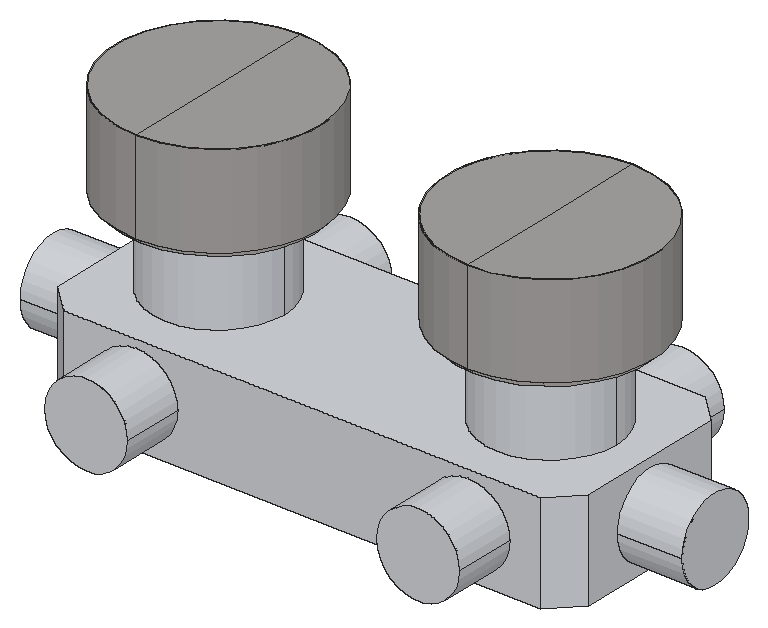
Revit family "Reece_Tap_Milli_Pure_Dual Mixer_Progressive_Wall Mount_Cirque Texture", category Plumbing Fixtures, host Face, Revit 2018
Family settings
  Host = Face
  Round Connector Dimension = Use Diameter
  Part Type = Normal
  Cut with Voids When Loaded = No
  Shared = Yes
  Room Calculation Point = Yes
Parameters (values of type "Brushed Gunmetal")
  WFU = 0  # constant formula
  URL = "https://www.reece.com.au/product/-2224772"
  Type Comments = "Tap"
  Reece_Tap_Inlet = 12 mm  # constant formula
  Reece_Product_Web Page = "https://www.reece.com.au/product/-2224772"
  Reece_Product_Type = "Tap"  # constant formula
  Reece_Product_Sub Brand = "Pure"  # constant formula
  Reece_Product_Number = "2224772"
  Reece_Product_Mount = "Wall Mounted"
  Reece_Product_Description = "Milli Pure Progressive Dual Mixer Tap System with Cirque Textured Handles Brushed Gunmetal"
  Reece_Product_Brand = "Milli"  # constant formula
  Reece_Overall_Width = 62 mm  # constant formula
  Reece_Overall_Height = 30 mm  # constant formula
  Reece_Material_Secondary = Reece_Brass_Brushed Gunmetal_Cirque Pattern
  Reece_Material-Main = Reece_Brass_Brushed Gunmetal
  Reece_Detail_Tap_Handle Texture = "Cirque Texture"  # constant formula
  Reece_Detail_Installation = ""
  Reece_Detail_Disclaimer = "THIS FILE IS THE PROPERTY OF THE REECE GROUP. IT MAY NOT BE REPRODUCED, REVERSE-ENGINEERED OR MODIFIED. ANY REPUBLICATION, TRANSMISSION OR DISTRIBUTION FOR THE PURPOSE OF COMMERCIALLY EXPLOITING THE FILES IS PROHIBITED."  # constant formula
  Reece_Detail_Connector = ""
  Reece_Detail_Additional = ""
  Reece_3D Texture = no
  Reece_3D Simplified Geometry = not(Reece_3D Texture)  # yes
  Model = "Pure"
  Manufacturer = "Milli"
  Keynote = "Product #2224772, Reece_Tap_Milli_Pure_Dual Mixer_Progressive_Wall Mount_Cirque Texture - Brushed Gunmetal"
  HWFU = 0  # constant formula
  Disclaimer = "THIS FILE IS THE PROPERTY OF THE REECE GROUP. IT MAY NOT BE REPRODUCED, REVERSE-ENGINEERED OR MODIFIED. ANY REPUBLICATION, TRANSMISSION OR DISTRIBUTION FOR THE PURPOSE OF COMMERCIALLY EXPLOITING THE FILES IS PROHIBITED."  # constant formula
  Description = "Milli Pure Progressive Dual Mixer Tap System with Cirque Textured Handles Brushed Gunmetal"
  Default Elevation = 1000 mm
  CWFU = 0  # constant formula
Types (7, lengths in mm): name | URL | Reece_Product_Web Page | Reece_Product_Number | Reece_Product_Description | Reece_Material_Secondary | Reece_Material-Main | Keynote | Description
  (no name) | "https://www.reece.com.au/product/-2224772" | "https://www.reece.com.au/product/-2224772" | "2224772" | "Milli Pure Progressive Dual Mixer Tap System with Cirque Textured Handles Brushed Gunmetal" | Reece_Brass_Brushed Gunmetal_Cirque Pattern | Reece_Brass_Brushed Gunmetal | "Product #2224772, Reece_Tap_Milli_Pure_Dual Mixer_Progressive_Wall Mount_Cirque Texture -  " | "Milli Pure Progressive Dual Mixer Tap System with Cirque Textured Handles Brushed Gunmetal"
  Brushed Gunmetal | "https://www.reece.com.au/product/-2224772" | "https://www.reece.com.au/product/-2224772" | "2224772" | "Milli Pure Progressive Dual Mixer Tap System with Cirque Textured Handles Brushed Gunmetal" | Reece_Brass_Brushed Gunmetal_Cirque Pattern | Reece_Brass_Brushed Gunmetal | "Product #2224772, Reece_Tap_Milli_Pure_Dual Mixer_Progressive_Wall Mount_Cirque Texture - Brushed Gunmetal" | "Milli Pure Progressive Dual Mixer Tap System with Cirque Textured Handles Brushed Gunmetal"
  Chrome | "https://www.reece.com.au/product/-2224770" | "https://www.reece.com.au/product/-2224770" | "2224770" | "Milli Pure Progressive Dual Mixer Tap System with Cirque Textured Handles Chrome" | Reece_Brass_Chrome_Cirque Pattern | Reece_Brass_Chrome | "Product #2224770, Reece_Tap_Milli_Pure_Dual Mixer_Progressive_Wall Mount_Cirque Texture - Chrome" | "Milli Pure Progressive Dual Mixer Tap System with Cirque Textured Handles Chrome"
  Matte Black | "https://www.reece.com.au/product/-2224773" | "https://www.reece.com.au/product/-2224773" | "2224773" | "Milli Pure Progressive Dual Mixer Tap System with Cirque Textured Handles Matte Black" | Reece_Brass_Matte Black_Cirque Pattern | Reece_Brass_Matte Black | "Product #2224773, Reece_Tap_Milli_Pure_Dual Mixer_Progressive_Wall Mount_Cirque Texture - Matte Black" | "Milli Pure Progressive Dual Mixer Tap System with Cirque Textured Handles Matte Black"
  Brushed Nickel | "https://www.reece.com.au/product/-2224771" | "https://www.reece.com.au/product/-2224771" | "2224771" | "Milli Pure Progressive Dual Mixer Tap System with Cirque Textured Handles Brushed Nickel" | Reece_Brass_Brushed Nickel_Cirque Pattern | Reece_Brass_Brushed Nickel | "Product #2224771, Reece_Tap_Milli_Pure_Dual Mixer_Progressive_Wall Mount_Cirque Texture - Brushed Nickel" | "Milli Pure Progressive Dual Mixer Tap System with Cirque Textured Handles Brushed Nickel"
  PVD Brushed Bronze | "https://www.reece.com.au/product/-9511039" | "https://www.reece.com.au/product/-9511039" | "9511039" | "Milli Pure Progressive Dual Mixer Tap System with Cirque Textured Handles PVD Brushed Bronze" | Reece_PVD_Brushed Bronze_Cirque Pattern | Reece_PVD_Brushed Bronze | "Product #9511039, Reece_Tap_Milli_Pure_Dual Mixer_Progressive_Wall Mount_Cirque Texture - PVD Brushed Bronze" | "Milli Pure Progressive Dual Mixer Tap System with Cirque Textured Handles PVD Brushed Bronze"
  PVD Brushed Gold | "https://www.reece.com.au/product/-9510854" | "https://www.reece.com.au/product/-9510854" | "9510854" | "Milli Pure Progressive Dual Mixer Tap System with Cirque Textured Handles PVD Brushed Gold" | Reece_PVD_Brushed Gold_Cirque Pattern | Reece_PVD_Brushed Gold | "Product #9510854, Reece_Tap_Milli_Pure_Dual Mixer_Progressive_Wall Mount_Cirque Texture - PVD Brushed Gold" | "Milli Pure Progressive Dual Mixer Tap System with Cirque Textured Handles PVD Brushed Gold"
Reference planes
  plane 1 "Center (Front/Back)": y = 0
  plane 2 "Bottom": z = 0
  plane 3 "Center (Left/Right)": x = 0
  plane 4 "Top": z = 30
  plane 5: y = -31
  plane 6: y = 31
Forms (mm)
  Extrusion 1, solid
    sketch origin (0, 0, 0) x (1, 0, 0) y (0, 1, 0)
      loop
        circle (50, 0) r 20
    from 0 to -25
  Extrusion 2, solid
    sketch origin (0, 0, 0) x (1, 0, 0) y (0, 1, 0)
      loop
        line (-71.853, 31) -> (-80, 22.853) -> (-80, -22.853) -> (-71.853, -31) -> (71.853, -31) -> (80, -22.853) -> (80, 22.853) -> (71.853, 31) -> (-71.853, 31)
    from -55 to -25
  Extrusion 3, solid
    sketch origin (33.5, 50, 0) x (0, -1, 0) y (0, 0, 1)
      loop
        circle (50, -40) r 12.5
    from -66.119 to -46.5
  Extrusion 4, void
    sketch origin (100, 0, 0) x (-1, 0, 0) y (0, -1, 0)
      loop
        circle (50, 0) r 25
    from 0 to -30
  Extrusion 5, solid
    sketch origin (66.5, 50, 0) x (0, -1, 0) y (0, 0, -1)
      loop
        circle (50, 40) r 12.5
    from -66.5 to -46.5
  Extrusion 6, solid
    sketch origin (0, 0, 0) x (-1, 0, 0) y (0, -1, 0)
      loop
        circle (50, 0) r 20
    from 0 to -25
  Extrusion 7, solid
    sketch origin (-33.5, 50, 0) x (0, -1, 0) y (0, 0, -1)
      loop
        circle (50, 40) r 12.5
    from -66.119 to -46.5
  Extrusion 8, solid
    sketch origin (-66.5, 50, 0) x (0, -1, 0) y (0, 0, 1)
      loop
        circle (50, -40) r 12.5
    from -66.5 to -46.5
  Extrusion 9, solid
    sketch origin (0, -16.5, 0) x (1, 0, 0) y (0, 0, 1)
      loop
        circle (50, -40) r 12.5
    from -66.119 to -46.5
  Extrusion 10, solid
    sketch origin (0, -16.5, 0) x (-1, 0, 0) y (0, 0, -1)
      loop
        circle (50, 40) r 12.5
    from -66.119 to -46.5
  Extrusion 11, void
    sketch origin (-100, 0, 0) x (1, 0, 0) y (0, 1, 0)
      loop
        circle (50, 0) r 25
    from 0 to -30
  Extrusion 12, solid
    sketch origin (0, 0, 0) x (-1, 0, 0) y (0, -1, 0)
      loop
        circle (50, 0) r 20
    from 0 to -25
  Extrusion 13, solid
    sketch origin (0, 16.5, 0) x (1, 0, 0) y (0, 0, -1)
      loop
        circle (50, 40) r 12.5
    from -66.119 to -46.5
  Extrusion 14, solid
    sketch origin (0, 16.5, 0) x (-1, 0, 0) y (0, 0, 1)
      loop
        circle (50, -40) r 12.5
    from -66.119 to -46.5
Cuts and joins
  Extrusion 11 cuts Extrusion 1
  Extrusion 4, Extrusion 11 cuts Extrusion 3
  joined: Extrusion 1, Extrusion 2, Extrusion 3, Extrusion 5, Extrusion 6, Extrusion 7, Extrusion 8, Extrusion 9, Extrusion 10, Extrusion 12, Extrusion 13, Extrusion 14
Text (mm)
  text "Reece Copyright © 2018, Reece Ltd." at (-1146.244, -273.583, 0), in view "Ref. Level"
  text "Reece ©" at (44.384, 258.95, 192.345), in view "Reece Preview"
Dimensions and locks
  "Reece_Overall_Width": plane 6 to plane 5
  "Reece_Overall_Height": plane 4 "Top" to plane 2 "Bottom"  (x2)
  equal spacing: plane 6, plane 1 "Center (Front/Back)", plane 5
  aligned and locked: plane 2 "Bottom" to host face
  aligned and locked: level to host face
Automatic sketch dimensions
  host sketch curve to host sketch curve = 380.785 mm
  host sketch curve to host sketch curve = 317.421 mm
  Extrusion 1 sketch curve to Extrusion 1 sketch curve = 0 mm  (x2)
  plane 1 "Center (Front/Back)" to Extrusion 1 sketch curve = 0 mm
  plane 3 "Center (Left/Right)" to Extrusion 1 sketch curve = 50 mm
  Extrusion 1 sketch curve to Extrusion 1 sketch curve = 20 mm
  Extrusion 2 sketch curve to plane 6 = 0 mm
  plane 5 to Extrusion 2 sketch curve = 0 mm
  Extrusion 2 sketch curve to plane 5 = 8.147 mm  (x2)
  Extrusion 2 sketch curve to plane 3 "Center (Left/Right)" = 80 mm
  Extrusion 2 sketch curve to Extrusion 2 sketch curve = 8.147 mm  (x3)
  plane 3 "Center (Left/Right)" to Extrusion 2 sketch curve = 71.853 mm
  Extrusion 2 sketch curve to Extrusion 2 sketch curve = 0 mm
  Extrusion 2 sketch curve to plane 6 = 8.147 mm  (x2)
  Extrusion 3 sketch curve to plane 1 "Center (Front/Back)" = 0 mm
  Extrusion 3 sketch curve to level = 40 mm
  Extrusion 4 sketch curve to Extrusion 4 sketch curve = 0 mm  (x2)
  plane 1 "Center (Front/Back)" to Extrusion 4 sketch curve = 0 mm
  Extrusion 4 sketch curve to plane 3 "Center (Left/Right)" = 50 mm
  Extrusion 4 sketch curve to Extrusion 4 sketch curve = 25 mm
  Extrusion 5 sketch curve to plane 1 "Center (Front/Back)" = 0 mm
  Extrusion 5 sketch curve to level = 40 mm
  Extrusion 6 sketch curve to Extrusion 6 sketch curve = 0 mm  (x2)
  plane 1 "Center (Front/Back)" to Extrusion 6 sketch curve = 0 mm
  plane 3 "Center (Left/Right)" to Extrusion 6 sketch curve = 50 mm
  Extrusion 6 sketch curve to Extrusion 6 sketch curve = 20 mm
  Extrusion 7 sketch curve to plane 1 "Center (Front/Back)" = 0 mm
  Extrusion 7 sketch curve to level = 40 mm
  Extrusion 8 sketch curve to plane 1 "Center (Front/Back)" = 0 mm
  Extrusion 8 sketch curve to level = 40 mm
  plane 3 "Center (Left/Right)" to Extrusion 9 sketch curve = 50 mm
  Extrusion 9 sketch curve to level = 40 mm
  Extrusion 10 sketch curve to plane 3 "Center (Left/Right)" = 50 mm
  Extrusion 10 sketch curve to level = 40 mm
  Extrusion 11 sketch curve to Extrusion 11 sketch curve = 0 mm  (x2)
  plane 1 "Center (Front/Back)" to Extrusion 11 sketch curve = 0 mm
  Extrusion 11 sketch curve to plane 3 "Center (Left/Right)" = 50 mm
  Extrusion 11 sketch curve to Extrusion 11 sketch curve = 25 mm
  Extrusion 12 sketch curve to Extrusion 12 sketch curve = 0 mm  (x2)
  plane 1 "Center (Front/Back)" to Extrusion 12 sketch curve = 0 mm
  plane 3 "Center (Left/Right)" to Extrusion 12 sketch curve = 50 mm
  Extrusion 12 sketch curve to Extrusion 12 sketch curve = 20 mm
  plane 3 "Center (Left/Right)" to Extrusion 13 sketch curve = 50 mm
  Extrusion 13 sketch curve to level = 40 mm
  Extrusion 14 sketch curve to plane 3 "Center (Left/Right)" = 50 mm
  Extrusion 14 sketch curve to level = 40 mm
  radius of Extrusion 3 sketch curve = 12.5 mm
  radius of Extrusion 5 sketch curve = 12.5 mm
  radius of Extrusion 7 sketch curve = 12.5 mm
  radius of Extrusion 8 sketch curve = 12.5 mm
  radius of Extrusion 9 sketch curve = 12.5 mm
  radius of Extrusion 10 sketch curve = 12.5 mm
  radius of Extrusion 13 sketch curve = 12.5 mm
  radius of Extrusion 14 sketch curve = 12.5 mm
Nested families
  nested 1: "Reece_Tap_Milli_Pure_Diverter_Texture_Main_Nested" at (50, 0, 0), visible <- "Reece_3D Simplified Geometry", Reece_Material-Main <- "Reece_Material-Main", Reece_Material_Secondary <- "Reece_Material_Secondary", type "62mm x 30mm"
    with Reece_Material_Secondary Reece_Brass_Brushed Gunmetal_Cirque Pattern, Reece_Material-Main Reece_Brass_Brushed Gunmetal
  nested 2: "Reece_Tap_Milli_Pure_Diverter_Texture_Main_Nested" at (-50, 0, 0) x (-1, 0, 0) z (0, 0, 1), visible <- "Reece_3D Simplified Geometry", Reece_Material-Main <- "Reece_Material-Main", Reece_Material_Secondary <- "Reece_Material_Secondary", type "62mm x 30mm"
    with Reece_Material_Secondary Reece_Brass_Brushed Gunmetal_Cirque Pattern, Reece_Material-Main Reece_Brass_Brushed Gunmetal
  nested 3: "Reece_Tap_Milli_Pure_Diverter_Cirque Texture_Cap" at (50, 0, 0), visible <- "Reece_3D Texture", Reece_Material-Main <- "Reece_Material-Main", Reece_Material_Secondary <- "Reece_Material_Secondary", type "62mm x 30mm"
    with Reece_Material_Secondary Reece_Brass_Brushed Gunmetal_Cirque Pattern, Reece_Material-Main Reece_Brass_Brushed Gunmetal
  nested 4: "Reece_Tap_Milli_Pure_Diverter_Cirque Texture_Cap" at (-50, 0, 0) x (-1, 0, 0) z (0, 0, 1), visible <- "Reece_3D Texture", Reece_Material-Main <- "Reece_Material-Main", Reece_Material_Secondary <- "Reece_Material_Secondary", type "62mm x 30mm"
    with Reece_Material_Secondary Reece_Brass_Brushed Gunmetal_Cirque Pattern, Reece_Material-Main Reece_Brass_Brushed Gunmetal
Connectors
  piping at (-99.619, 0, -40), diameter 12, driven by "Reece_Tap_Inlet"
    settings: on Extrusion 7, index 6, connector inside diameter 609.6 mm, connector length 0 mm, flow factor 0, pipe flow 0.0 L/s, pressure drop 0.0 Pa, fitting loss kfactor 0, connector angle 0.00°, fixture units 0, engagement length 0 mm, angle of deflection 0.00°, flow configuration 0, flow direction 1, fitting loss method 0, system type 29, joint type 0, gender type 0, connector reference index -1, connector utility 0, adjustable connector no, is connector primary yes, connector description ""
  piping at (-50, 49.619, -40), diameter 12, driven by "Reece_Tap_Inlet"
    settings: on Extrusion 10, index 7, connector inside diameter 609.6 mm, connector length 0 mm, flow factor 0, pipe flow 0.0 L/s, pressure drop 0.0 Pa, fitting loss kfactor 0, connector angle 0.00°, fixture units 0, engagement length 0 mm, angle of deflection 0.00°, flow configuration 0, flow direction 1, fitting loss method 0, system type 29, joint type 0, gender type 0, connector reference index -1, connector utility 0, adjustable connector no, is connector primary no, connector description ""
  piping at (50, 49.619, -40), diameter 12, driven by "Reece_Tap_Inlet"
    settings: on Extrusion 9, index 8, connector inside diameter 609.6 mm, connector length 0 mm, flow factor 0, pipe flow 0.0 L/s, pressure drop 0.0 Pa, fitting loss kfactor 0, connector angle 0.00°, fixture units 0, engagement length 0 mm, angle of deflection 0.00°, flow configuration 0, flow direction 1, fitting loss method 0, system type 29, joint type 0, gender type 0, connector reference index -1, connector utility 0, adjustable connector no, is connector primary no, connector description ""
  piping at (-50, -49.619, -40), diameter 12, driven by "Reece_Tap_Inlet"
    settings: on Extrusion 14, index 9, connector inside diameter 609.6 mm, connector length 0 mm, flow factor 0, pipe flow 0.0 L/s, pressure drop 0.0 Pa, fitting loss kfactor 0, connector angle 0.00°, fixture units 0, engagement length 0 mm, angle of deflection 0.00°, flow configuration 0, flow direction 2, fitting loss method 0, system type 29, joint type 0, gender type 0, connector reference index -1, connector utility 0, adjustable connector no, is connector primary no, connector description ""
  piping at (50, -49.619, -40), diameter 12, driven by "Reece_Tap_Inlet"
    settings: on Extrusion 13, index 10, connector inside diameter 609.6 mm, connector length 0 mm, flow factor 0, pipe flow 0.0 L/s, pressure drop 0.0 Pa, fitting loss kfactor 0, connector angle 0.00°, fixture units 0, engagement length 0 mm, angle of deflection 0.00°, flow configuration 0, flow direction 2, fitting loss method 0, system type 29, joint type 0, gender type 0, connector reference index -1, connector utility 0, adjustable connector no, is connector primary no, connector description ""
  piping at (99.619, 0, -40), diameter 12, driven by "Reece_Tap_Inlet"
    settings: on cut or joined group of Extrusion 1, Extrusion 2, Extrusion 3, Extrusion 4, Extrusion 5, Extrusion 6, Extrusion 7, Extrusion 8, Extrusion 9, Extrusion 10, Extrusion 11, Extrusion 12, Extrusion 13, Extrusion 14, index 11, connector inside diameter 609.6 mm, connector length 0 mm, flow factor 0, pipe flow 0.0 L/s, pressure drop 0.0 Pa, fitting loss kfactor 0, connector angle 0.00°, fixture units 0, engagement length 0 mm, angle of deflection 0.00°, flow configuration 0, flow direction 1, fitting loss method 0, system type 29, joint type 0, gender type 0, connector reference index -1, connector utility 0, adjustable connector no, is connector primary no, connector description ""
Definition of nested family "Reece_Tap_Milli_Pure_Diverter_Texture_Main_Nested"
  Parameters (values of type "54mm x 30mm")
    WFU = 0  # constant formula
    Reece_Overall_Width = 54 mm
    Reece_Overall_Height = 30 mm
    Reece_Material_Secondary [instance] = none
    Reece_Material-Main [instance] = none
    Reece_Detail_Installation = ""
    Reece_Detail_Connector = ""
    Reece_Detail_Additional = ""
    HWFU = 0  # constant formula
    Default Elevation = 1000 mm
    CWFU = 0  # constant formula
  Types (3, lengths in mm): name | Reece_Overall_Width | Reece_Overall_Height
    62mm x 30mm | 62 | 30
    60mm x 28mm | 60 | 28
    54mm x 30mm | 54 | 30
  Reference planes
    plane 1 "Center (Front/Back)": y = 0
    plane 2 "Bottom": z = 0
    plane 3 "Center (Left/Right)": x = 0
    plane 4: y = -27
    plane 5: y = 27
    plane 6: z = 30
    plane 7: y = -25
    plane 8: y = 25
    plane 9: z = 16
    plane 10: z = 2
  Forms (mm)
    Extrusion 1, solid
      sketch origin (619.2, -619.2, 0) x (1, 0, 0) y (0, 1, 0)
        loop
          line (-809.2, 779.2) -> (-809.2, 461.779) -> (-428.415, 461.779) -> (-428.415, 779.2) -> (-809.2, 779.2)
      from 0 to -9.564
    Revolve 2, solid, material <- "Reece_Material_Secondary"
      sketch origin (0, 50, 0) x (0, -1, 0) y (0, 0, 1)
        loop
          line (50, 0) -> (75, 0) -> (75, 2) -> (77, 2) -> (77, 30) -> (75, 28) -> (50, 28) -> (50, 0)
        axis (50, 0) -> (50, 30)
      angle from 0 to 360
    Revolve 3, solid, material <- "Reece_Material-Main"
      sketch origin (0, 50, 0) x (0, -1, 0) y (0, 0, 1)
        loop
          line (77, 30) -> (50, 30) -> (50, 28) -> (75, 28) -> (77, 30)
        axis (50, 28) -> (50, 30)
      angle from 0 to 360
  Text (mm)
    text "Reece Copyright © 2018, Reece Ltd." at (-1403.988, -1192.393, 0), in view "Ref. Level"
    text "Reece ©" at (44.384, 258.95, 192.345), in view "Reece Preview"
  Dimensions and locks
    equal spacing: plane 5, plane 1 "Center (Front/Back)", plane 4
    "Reece_Overall_Width": plane 5 to plane 4
    "Reece_Overall_Height": plane 6 to plane 2 "Bottom"
    locked: plane 7 to plane 4 at 2
    locked: plane 5 to plane 8 at 2
    equal spacing: plane 6, plane 9, plane 10
    locked: plane 10 to plane 2 "Bottom" at 2
    aligned and locked: plane 2 "Bottom" to Extrusion 1
    aligned and locked: level to Extrusion 1
    aligned and locked: plane 7 to Revolve 2 sketch curve
  Automatic sketch dimensions
    Extrusion 1 sketch curve to Extrusion 1 sketch curve = 380.785 mm
    Extrusion 1 sketch curve to Extrusion 1 sketch curve = 317.421 mm
    Revolve 2 sketch curve to plane 1 "Center (Front/Back)" = 0 mm  (x2)
    Revolve 2 sketch curve to level = 0 mm
    Revolve 2 sketch curve to plane 7 = 0 mm
    Revolve 2 sketch curve to plane 4 = 0 mm
    Revolve 2 sketch curve to plane 6 = 0 mm  (x2)
    level to Revolve 2 sketch curve = 2 mm
    Revolve 2 sketch curve to plane 6 = 2 mm
    Revolve 2 sketch curve to Revolve 2 sketch curve = 10 mm
    Revolve 3 sketch curve to plane 1 "Center (Front/Back)" = 0 mm  (x2)
    Revolve 3 sketch curve to plane 7 = 0 mm
    Revolve 3 sketch curve to plane 4 = 0 mm
    Revolve 3 sketch curve to plane 6 = 0 mm  (x2)
    Revolve 3 sketch curve to plane 6 = 2 mm
    Revolve 3 sketch curve to Revolve 3 sketch curve = 10 mm
Definition of nested family "Reece_Tap_Milli_Pure_Diverter_Cirque Texture_Cap"
  Parameters (values of type "60mm x 28mm")
    WFU = 0  # constant formula
    Reece_Overall_Length = 60 mm
    Reece_Overall_Height = 28 mm
    Reece_Material_Secondary [instance] = none
    Reece_Material-Main [instance] = none
    Reece_Detail_Installation = ""
    Reece_Detail_Connector = ""
    Reece_Detail_Additional = ""
    HWFU = 0  # constant formula
    Default Elevation = 1000 mm
    CWFU = 0  # constant formula
  Types (4, lengths in mm): name | Reece_Overall_Length | Reece_Overall_Height
    (no name) | 60 | 28
    54mm x 30mm | 54 | 30
    62mm x 30mm | 62 | 30
    60mm x 28mm | 60 | 28
  Reference planes
    plane 1 "Center (Front/Back)": y = 0
    plane 2 "Bottom": z = 0
    plane 3 "Center (Left/Right)": x = 0
    plane 4: y = -30
    plane 5: y = 30
    plane 6: z = 28
    plane 7: y = 28
    plane 8: z = 26.097
  Forms (mm)
    Extrusion 1, solid
      sketch origin (619.2, -619.2, 0) x (1, 0, 0) y (0, 1, 0)
        loop
          line (-809.2, 779.2) -> (-809.2, 461.779) -> (-428.415, 461.779) -> (-428.415, 779.2) -> (-809.2, 779.2)
      from 0 to -9.564
    Revolve 2, solid, material <- "Reece_Material-Main"
      sketch origin (0, 0, -140.292) x (0, 1, 0) y (0, 0, 1)
        loop
          line (0, 168.292) -> (-30, 168.292) -> (-30, 166.388)
          arc (-30, 166.388) -> (-29.55, 165.938) -> (-30, 165.488) r 0.45
          line (-30, 165.488) -> (-30, 164.322)
          arc (-30, 164.322) -> (-29.55, 163.872) -> (-30, 163.422) r 0.45
          line (-30, 163.422) -> (-30, 162.503)
          arc (-30, 162.503) -> (-29.55, 162.053) -> (-30, 161.603) r 0.45
          line (-30, 161.603) -> (-30, 160.603)
          arc (-30, 160.603) -> (-29.55, 160.153) -> (-30, 159.703) r 0.45
          line (-30, 159.703) -> (-30, 158.703)
          arc (-30, 158.703) -> (-29.55, 158.253) -> (-30, 157.803) r 0.45
          line (-30, 157.803) -> (-30, 156.926)
          arc (-30, 156.926) -> (-29.55, 156.476) -> (-30, 156.026) r 0.45
          line (-30, 156.026) -> (-30, 154.891)
          arc (-30, 154.891) -> (-29.55, 154.441) -> (-30, 153.991) r 0.45
          line (-30, 153.991) -> (-30, 153.011)
          arc (-30, 153.011) -> (-29.55, 152.561) -> (-30, 152.111) r 0.45
          line (-30, 152.111) -> (-30, 151.103)
          arc (-30, 151.103) -> (-29.55, 150.653) -> (-30, 150.203) r 0.45
          line (-30, 150.203) -> (-30, 149.092)
          arc (-30, 149.092) -> (-29.55, 148.642) -> (-30, 148.192) r 0.45
          line (-30, 148.192) -> (-30, 147.192)
          arc (-30, 147.192) -> (-29.55, 146.742) -> (-30, 146.292) r 0.45
          line (-30, 146.292) -> (-30, 142.292) -> (-28, 142.292) -> (-28, 140.292) -> (-26, 140.292) -> (-26, 164.803) -> (0, 164.803) -> (0, 168.292)
        axis (0, 140.292) -> (0, 168.292)
      angle from 0 to 360
  Text (mm)
    text "Reece Copyright © 2018, Reece Ltd." at (-1403.988, -1192.393, 0), in view "Ref. Level"
    text "Reece ©" at (44.384, 258.95, 192.345), in view "Reece Preview"
  Dimensions and locks
    equal spacing: plane 5, plane 1 "Center (Front/Back)", plane 4
    "Reece_Overall_Length": plane 5 to plane 4
    "Reece_Overall_Height": plane 6 to plane 2 "Bottom"
    locked: plane 5 to plane 7 at 2
    locked: plane 8 to plane 6 at 1.903
    aligned and locked: plane 2 "Bottom" to Extrusion 1
    aligned and locked: level to Extrusion 1
    aligned and locked: plane 6 to Revolve 2 sketch curve  (x2)
    aligned and locked: plane 8 to Revolve 2 sketch curve
  Automatic sketch dimensions
    Extrusion 1 sketch curve to Extrusion 1 sketch curve = 380.785 mm
    Extrusion 1 sketch curve to Extrusion 1 sketch curve = 317.421 mm
    Revolve 2 sketch curve to plane 4 = 0 mm
    level to Revolve 2 sketch curve = 0 mm
    Revolve 2 sketch curve to plane 1 "Center (Front/Back)" = 0 mm  (x2)
    level to Revolve 2 sketch curve = 2 mm
    Revolve 2 sketch curve to Revolve 2 sketch curve = 0.45 mm  (x11)
    Revolve 2 sketch curve to Revolve 2 sketch curve = 1 mm  (x3)
    Revolve 2 sketch curve to Revolve 2 sketch curve = 1.111 mm
    Revolve 2 sketch curve to Revolve 2 sketch curve = 1.458 mm
    Revolve 2 sketch curve to Revolve 2 sketch curve = 0.979 mm
    Revolve 2 sketch curve to Revolve 2 sketch curve = 1.135 mm
    Revolve 2 sketch curve to Revolve 2 sketch curve = 0.877 mm
    Revolve 2 sketch curve to Revolve 2 sketch curve = 0.919 mm
    Revolve 2 sketch curve to plane 6 = 3.489 mm
    Revolve 2 sketch curve to Revolve 2 sketch curve = 1.166 mm
    Revolve 2 sketch curve to Revolve 2 sketch curve = 17.996 mm
    Revolve 2 sketch curve to Revolve 2 sketch curve = 3.712 mm
    plane 4 to Revolve 2 sketch curve = 2 mm
    plane 4 to Revolve 2 sketch curve = 4 mm
